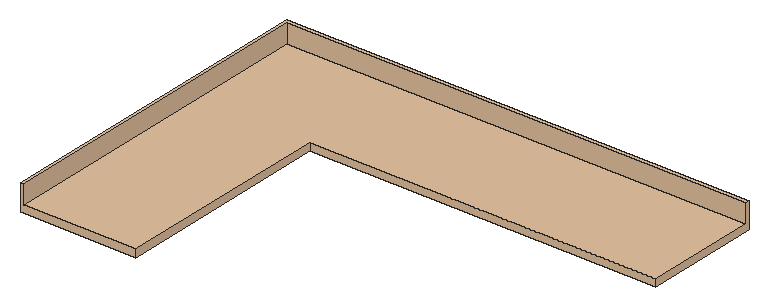
Revit family
Parameters (values of type "600mm Depth")
  Counter Thickness = 40 mm
  Counter Top Material = none
  Depth = 625 mm
  Height [instance] = 900 mm
  Length - Leg 1 [instance] = 2500 mm
  Length - Leg 2 [instance] = 1800 mm
  Assembly Code = ""
Reference planes
  plane 1 "Back": y = 0
  plane 2: z = 0
  plane 3 "Left": x = -1200.462
  plane 4 "Right": x = 1299.538
  plane 5 "Front": y = -625
  plane 6 "Top": z = 900
  plane 7: z = 860
  plane 8: y = -19.05
  plane 9: z = 1001.6
  plane 10: x = -575.462
  plane 11: y = -1800
  plane 12: x = -1181.412
Forms (mm)
  Extrusion 1, solid, material <- "Counter Top Material"
    sketch origin (0, 0, 0) x (1, 0, 0) y (0, 1, 0)
      loop
        line (-1200.462, 0) -> (-1200.462, -1800) -> (-575.462, -1800) -> (-575.462, -625) -> (1299.538, -625) -> (1299.538, 0) -> (-1200.462, 0)
    from 860 to 900
  Extrusion 2, solid, material <- "Counter Top Material"
    sketch origin (0, 0, 0) x (1, 0, 0) y (0, 1, 0)
      loop
        line (1299.538, 0) -> (-1200.462, 0) -> (-1200.462, -19.05) -> (1299.538, -19.05) -> (1299.538, 0)
    from 900 to 1001.6
  Extrusion 3, solid, material <- "Counter Top Material"
    sketch origin (0, 0, 0) x (1, 0, 0) y (0, 1, 0)
      loop
        line (-1200.462, -19.05) -> (-1200.462, -1800) -> (-1181.412, -1800) -> (-1181.412, -19.05) -> (-1200.462, -19.05)
    from 900 to 1001.6
Cuts and joins
  joined: Extrusion 1, Extrusion 2, Extrusion 3
Lines and regions (mm)
  Masking region 1
    outline origin (0, 0, 0) x (1, 0, 0) y (0, 1, 0)
      loop
        line (-1200.462, -1800) -> (-575.462, -1800) -> (-575.462, -625) -> (1299.538, -625) -> (1299.538, 0) -> (-1200.462, 0) -> (-1200.462, -1800)
  symbolic lines, style "Counter Top"
    curve 1: line (-1181.412, -19.05, 0) -> (1299.538, -19.05, 0)
    curve 2: line (-1181.412, -1800, 0) -> (-1181.412, -19.05, 0)
Dimensions and locks
  "Depth": plane 5 "Front" to plane 1 "Back"
  "Length - Leg 1": plane 3 "Left" to plane 4 "Right"
  "Height": level to plane 6 "Top"
  "Counter Thickness": plane 7 to plane 6 "Top"
  locked: plane 8 to plane 1 "Back" at 19.05
  plane 6 "Top" to plane 9 = 101.6 mm
  "Depth": plane 3 "Left" to plane 10
  "Length - Leg 2": plane 11 to plane 1 "Back"
  locked: plane 3 "Left" to plane 12 at 19.05
  aligned and locked: plane 1 "Back" to Extrusion 1 sketch curve
  aligned and locked: plane 4 "Right" to Extrusion 1 sketch curve
  aligned and locked: Extrusion 1 sketch curve to plane 5 "Front"
  aligned and locked: Extrusion 1 sketch curve to plane 3 "Left"
  aligned and locked: Extrusion 1 to plane 6 "Top"
  aligned and locked: plane 7 to Extrusion 1
  aligned and locked: Extrusion 2 sketch curve to plane 1 "Back"
  aligned and locked: plane 8 to Extrusion 2 sketch curve
  aligned and locked: Extrusion 2 sketch curve to plane 4 "Right"
  aligned and locked: plane 3 "Left" to Extrusion 2 sketch curve
  aligned and locked: Extrusion 2 to plane 9
  aligned and locked: plane 6 "Top" to Extrusion 2
  aligned and locked: plane 10 to Extrusion 1 sketch curve
  aligned and locked: plane 11 to Extrusion 1 sketch curve
  aligned and locked: plane 12 to Extrusion 3 sketch curve
  aligned and locked: Extrusion 3 to plane 8
  aligned and locked: plane 3 "Left" to Extrusion 3
  aligned and locked: Extrusion 3 to plane 9
  aligned and locked: plane 6 "Top" to Extrusion 3
Automatic sketch dimensions
  plane 3 "Left" to Extrusion 3 sketch curve = 0 mm
  plane 11 to Extrusion 3 sketch curve = 0 mm
  plane 1 "Back" to Extrusion 3 sketch curve = 19.05 mm
  curve 2 to plane 11 = 0 mm
  curve 2 to plane 8 = 0 mm
  curve 1 to plane 4 "Right" = 0 mm
  curve 1 to plane 3 "Left" = 19.05 mm
  Masking region 1 sketch curve to plane 3 "Left" = 0 mm
  Masking region 1 sketch curve to plane 11 = 0 mm
  Masking region 1 sketch curve to plane 5 "Front" = 0 mm
  Masking region 1 sketch curve to plane 10 = 0 mm
  Masking region 1 sketch curve to plane 4 "Right" = 0 mm
  Masking region 1 sketch curve to plane 1 "Back" = 0 mm
